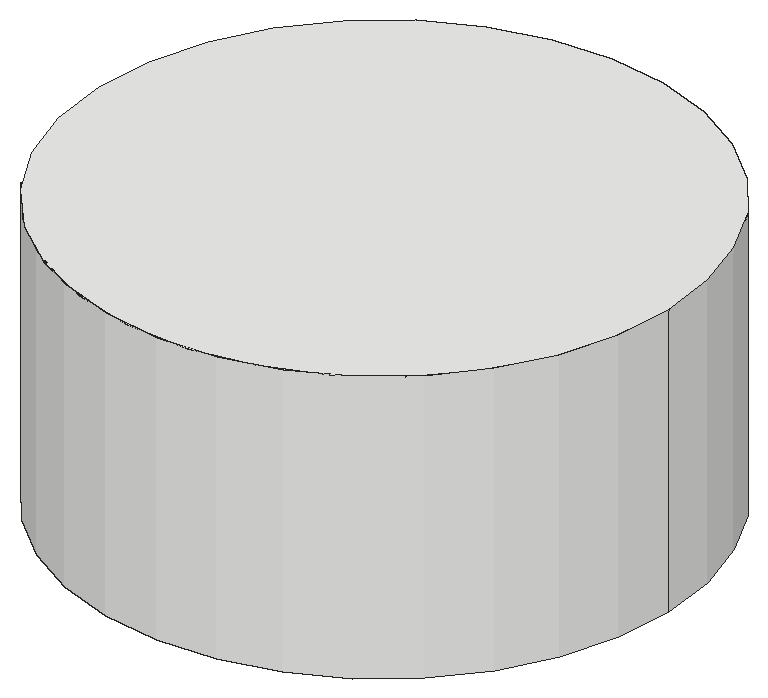
Revit family "SG0065473061CW", category Aparatos sanitarios, Revit 2019
Family settings
  Cota de conector redondo = Diámetro de uso
  Tipo de pieza = Normal
  Número OmniClass = 23.45.00.00
  Título OmniClass = Sanitary, Laundry, and Cleaning Equipment
  Se basa en plano de trabajo = No
  Siempre vertical = Sí
  Corte con vacíos al cargar = No
  Compartido = No
  Punto de cálculo de habitación = No
Parameters (values of type "BRIGGSMATIC PLUS PARA LAVAMANOS")
  _BRIGGS_Profundidad (cm) = "16\r\n15"
  _BRIGGS_Ancho (cm) = "5"
  _BRIGGS_Alto (cm) = "9"
  _BRIGGS_Contacto comercial = "(02) 395 2900"
  _BRIGGS_Tipo de instalación = "Sobre lavamanos"
  _BRIGGS_Tipo = "simple"
  _BRIGGS_SKU = "SG0065473061CW"
  _BRIGGS_Revisado = "calidad.planos@edesa.com.ec"
  _BRIGGS_Productos necesarios para la instalación = "Desagüe 1 1/4\", Sifón 1 1/4\", Llave Angular y Manguera Flexible"
  _BRIGGS_Productos incluidos = ""
  _BRIGGS_Nombre = "BRIGGSMATIC PLUS PARA LAVAMANOS"
  _BRIGGS_Materiales = "Latón"
  _BRIGGS_Marca = "BRIGGS"
  _BRIGGS_Manual de instalación = "https://www.briggs.com.ec/productos/instructivos/Briggs/Griferia/Briggsmatic_pesada_lavamanos.pdf"
  _BRIGGS_Garantía = "De por vida para el cuerpo principal y acabado en cromo (306)"
  _BRIGGS_Ficha técnica = "https://www.briggs.com.ec/productos/fichastecnicaspdf/Briggs/Institucional/Briggsmatic_lavamanos_plus.pdf"
  _BRIGGS_Distancia de instalacion = ""
  _BRIGGS_Descripcion = "Llave temporizada de lavamanos para agua fría. Instalación sobre lavamanos."
  _BRIGGS_Cumple normativa ADA = ""
  _BRIGGS_Consumo de agua = ""
  _BRIGGS_Consuma/Capacidad = "1 litro por descarga"
  _BRIGGS_Conexión hidráulica = "Entrada de agua: tubería ø 1/2\""
  _BRIGGS_Colores/Acabado = "cromo"
  _BRIGGS_Certificación = "Cumple con norma NTE - INEN 3123 basada en la norma ASME 112.18.1 - 2012."
  _BRIGGS_Categoria = "Productos > Grifería > Institucional"
  _BRIGGS_Peso (Kg) = ""
  _BRIGGS_Autor BIM = "Ing. Edwin Cahuatijo"
  _BRIGGS_ BIM Manager = "http://www1.veraquintana.net/_sitevq/"
  Uniformat II Description = ""
  Omniclass Code = "23.45.05.00"
  Diámetro agua fría = 12.7 mm
Reference planes
  plane 1 "Centro (Frontal/Posterior)": y = 0
  plane 2: z = 0
  plane 3 "Centro (Izquierda/Derecha)": x = 0
Forms (mm)
  Extrusion 1, solid, material "00.EDESA COLOR BLANCO"
    sketch origin (4.839, 61.214, -2.7) x (1, 0, 0) y (0, 1, 0)
      loop
        circle (-1.6, 0.2) r 10.5
    from 0 to 10
Dimensions and locks
  aligned and locked: level to plane 2
Connectors
  piping at (8.239, 61.753, -41), diameter 12.7, driven by "Diámetro agua fría"
    settings: on import instance, index 1, connector inside diameter 609.6 mm, connector length 0 mm, flow factor 0, pipe flow 0.0 L/s, pressure drop 0.0 Pa, fitting loss kfactor 0, connector angle 0.00°, fixture units 0, engagement length 0 mm, angle of deflection 0.00°, flow configuration 0, flow direction 0, fitting loss method 0, system type 7, joint type 0, gender type 0, connector reference index -1, connector utility 0, adjustable connector no, is connector primary yes, connector description ""
